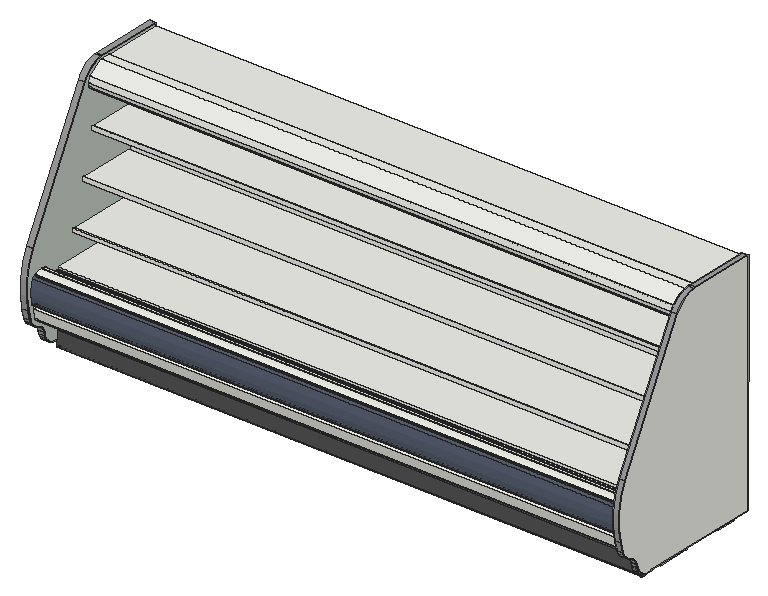
Revit family "IC2XNL_2014", category Specialty Equipment, Revit 2014 (continued)
Automatic sketch dimensions
  Extrusion 9 sketch curve to Extrusion 9 sketch curve = 0.21735"
  Extrusion 9 sketch curve to Extrusion 9 sketch curve = 3.07488"
  Extrusion 9 sketch curve to Extrusion 9 sketch curve = 0.93803"
  Extrusion 9 sketch curve to Extrusion 9 sketch curve = 1.75203"
  Extrusion 9 sketch curve to Extrusion 9 sketch curve = 0.64458"
  plane 3 "Top" to Extrusion 9 sketch curve = 48.32249"
  plane 3 "Top" to Extrusion 9 sketch curve = 47.47733"
  plane 12 to Extrusion 9 sketch curve = 47.45991"
  plane 12 to Extrusion 9 sketch curve = 42.60298"
  plane 12 to Extrusion 9 sketch curve = 34.27621"
  plane 5 "Front" to Extrusion 9 sketch curve = 27.45699"
  Extrusion 9 sketch curve to Extrusion 9 sketch curve = 26.49331"
  Extrusion 9 sketch curve to Extrusion 9 sketch curve = 0.0049"
  plane 5 "Front" to Extrusion 9 sketch curve = 21.68045"
  Extrusion 9 sketch curve to Extrusion 9 sketch curve = 3.32817"
  Extrusion 9 sketch curve to Extrusion 9 sketch curve = 3.36375"
  Extrusion 9 sketch curve to Extrusion 9 sketch curve = 0.0295"
  plane 5 "Front" to Extrusion 9 sketch curve = 43.62502"
  plane 5 "Front" to Extrusion 9 sketch curve = 22.51031"
  Extrusion 9 sketch curve to Extrusion 9 sketch curve = 8.74598"
  Extrusion 9 sketch curve to Extrusion 9 sketch curve = 0.96669"
  Extrusion 9 sketch curve to Extrusion 9 sketch curve = 1.03957"
  Extrusion 9 sketch curve to Extrusion 9 sketch curve = 0.25038"
  Extrusion 9 sketch curve to Extrusion 9 sketch curve = 1.14798"
  Extrusion 9 sketch curve to Extrusion 9 sketch curve = 1.40828"
  Extrusion 9 sketch curve to Extrusion 9 sketch curve = 1.24298"
  Extrusion 9 sketch curve to Extrusion 9 sketch curve = 2.47815"
  plane 5 "Front" to Sweep 14 sketch curve = 4.38383"
  plane 12 to Sweep 14 sketch curve = 49.82249"
  Sweep 14 sketch curve to Sweep 14 sketch curve = 0.63304"
  plane 12 to Sweep 14 sketch curve = 34.27621"
  Sweep 14 sketch curve to Sweep 14 sketch curve = 1.30911"
  Sweep 14 sketch curve to Sweep 14 sketch curve = 1.61162"
  plane 12 to Sweep 14 sketch curve = 51.8762"
  Sweep 14 sketch curve to Sweep 14 sketch curve = 1.65092"
  plane 12 to Sweep 14 sketch curve = 52.52078"
  Sweep 14 sketch curve to Sweep 14 sketch curve = 1.24298"
  Sweep 14 sketch curve to Sweep 14 sketch curve = 1.50329"
  plane 12 to Sweep 14 sketch curve = 54.27281"
  Sweep 14 sketch curve to Sweep 14 sketch curve = 1.40828"
  Sweep 14 sketch curve to Sweep 14 sketch curve = 0.25038"
  Sweep 14 sketch curve to Sweep 14 sketch curve = 3.15531"
  Sweep 14 sketch curve to Sweep 14 sketch curve = 0.07288"
  Sweep 14 sketch curve to Sweep 14 sketch curve = 0.96669"
  Sweep 14 sketch curve to Sweep 14 sketch curve = 15.98751"
  Sweep 14 sketch curve to Sweep 14 sketch curve = 9.78555"
  Sweep 14 sketch curve to Sweep 14 sketch curve = 5.77653"
  Sweep 14 sketch curve to Sweep 14 sketch curve = 0.0295"
  plane 5 "Front" to Sweep 14 sketch curve = 43.62502"
  Sweep 14 sketch curve to Sweep 14 sketch curve = 0.93803"
  Sweep 14 sketch curve to Sweep 14 sketch curve = 2.23028"
  Sweep 14 sketch curve to Sweep 14 sketch curve = 0.04447"
  Sweep 14 sketch curve to Sweep 14 sketch curve = 0.14623"
  Sweep 14 sketch curve to Sweep 14 sketch curve = 2.36257"
  Sweep 14 sketch curve to Sweep 14 sketch curve = 26.49331"
  Sweep 14 sketch curve to Sweep 14 sketch curve = 0.0049"
  Sweep 14 sketch curve to Sweep 14 sketch curve = 3.32817"
  Sweep 14 sketch curve to Sweep 14 sketch curve = 3.36375"
  profile plane to Sweep 14 sketch curve = 0.03129"
  profile plane to Sweep 14 sketch curve = 0.00004"
  plane 12 to Extrusion 12 sketch curve = 47.45991"
  plane 5 "Front" to Extrusion 12 sketch curve = 4.38383"
  plane 12 to Extrusion 12 sketch curve = 49.82249"
  Extrusion 12 sketch curve to Extrusion 12 sketch curve = 0.63304"
  plane 12 to Extrusion 12 sketch curve = 34.27621"
  Extrusion 12 sketch curve to Extrusion 12 sketch curve = 1.30911"
  Extrusion 12 sketch curve to Extrusion 12 sketch curve = 1.61162"
  plane 12 to Extrusion 12 sketch curve = 51.8762"
  Extrusion 12 sketch curve to Extrusion 12 sketch curve = 1.65092"
  plane 12 to Extrusion 12 sketch curve = 52.52078"
  Extrusion 12 sketch curve to Extrusion 12 sketch curve = 1.24298"
  Extrusion 12 sketch curve to Extrusion 12 sketch curve = 1.50329"
  plane 12 to Extrusion 12 sketch curve = 54.27281"
  Extrusion 12 sketch curve to Extrusion 12 sketch curve = 1.40828"
  plane 12 to Extrusion 12 sketch curve = 55.21084"
  Extrusion 12 sketch curve to Extrusion 12 sketch curve = 0.25038"
  Extrusion 12 sketch curve to Extrusion 12 sketch curve = 3.15531"
  Extrusion 12 sketch curve to Extrusion 12 sketch curve = 0.07288"
  Extrusion 12 sketch curve to Extrusion 12 sketch curve = 0.96669"
  Extrusion 12 sketch curve to Extrusion 12 sketch curve = 15.98751"
  Extrusion 12 sketch curve to Extrusion 12 sketch curve = 9.78555"
  Extrusion 12 sketch curve to Extrusion 12 sketch curve = 5.77653"
  Extrusion 12 sketch curve to Extrusion 12 sketch curve = 0.0295"
  Extrusion 12 sketch curve to Extrusion 12 sketch curve = 21.11471"
  Extrusion 12 sketch curve to Extrusion 12 sketch curve = 2.23028"
  Extrusion 12 sketch curve to Extrusion 12 sketch curve = 0.04447"
  Extrusion 12 sketch curve to Extrusion 12 sketch curve = 0.14623"
  Extrusion 12 sketch curve to Extrusion 12 sketch curve = 26.49331"
  Extrusion 12 sketch curve to Extrusion 12 sketch curve = 0.0049"
  Extrusion 12 sketch curve to Extrusion 12 sketch curve = 3.32817"
  Extrusion 12 sketch curve to Extrusion 12 sketch curve = 3.36375"
  plane 5 "Front" to Extrusion 11 sketch curve = 4.38383"
  plane 12 to Extrusion 11 sketch curve = 49.82249"
  Extrusion 11 sketch curve to Extrusion 11 sketch curve = 0.63304"
  plane 12 to Extrusion 11 sketch curve = 34.27621"
  Extrusion 11 sketch curve to Extrusion 11 sketch curve = 1.30911"
  Extrusion 11 sketch curve to Extrusion 11 sketch curve = 1.61162"
  plane 12 to Extrusion 11 sketch curve = 51.8762"
  Extrusion 11 sketch curve to Extrusion 11 sketch curve = 1.65092"
  plane 12 to Extrusion 11 sketch curve = 52.52078"
  Extrusion 11 sketch curve to Extrusion 11 sketch curve = 1.24298"
  Extrusion 11 sketch curve to Extrusion 11 sketch curve = 1.50329"
  plane 12 to Extrusion 11 sketch curve = 54.27281"
  Extrusion 11 sketch curve to Extrusion 11 sketch curve = 1.40828"
  plane 12 to Extrusion 11 sketch curve = 55.21084"
  Extrusion 11 sketch curve to Extrusion 11 sketch curve = 0.25038"
  Extrusion 11 sketch curve to Extrusion 11 sketch curve = 3.15531"
  Extrusion 11 sketch curve to Extrusion 11 sketch curve = 0.07288"
  Extrusion 11 sketch curve to Extrusion 11 sketch curve = 0.96669"
  Extrusion 11 sketch curve to Extrusion 11 sketch curve = 15.98751"
  Extrusion 11 sketch curve to Extrusion 11 sketch curve = 9.78555"
  Extrusion 11 sketch curve to Extrusion 11 sketch curve = 5.77653"
  Extrusion 11 sketch curve to Extrusion 11 sketch curve = 0.0295"
  Extrusion 11 sketch curve to Extrusion 11 sketch curve = 21.11471"
  Extrusion 11 sketch curve to Extrusion 11 sketch curve = 2.23028"
  Extrusion 11 sketch curve to Extrusion 11 sketch curve = 0.04447"
  Extrusion 11 sketch curve to Extrusion 11 sketch curve = 0.14623"
  Extrusion 11 sketch curve to Extrusion 11 sketch curve = 2.36257"
  Extrusion 11 sketch curve to Extrusion 11 sketch curve = 26.49331"
  Extrusion 11 sketch curve to Extrusion 11 sketch curve = 0.0049"
  Extrusion 11 sketch curve to Extrusion 11 sketch curve = 3.32817"
  Extrusion 11 sketch curve to Extrusion 11 sketch curve = 3.36375"
  Extrusion 1 sketch curve to Extrusion 1 sketch curve = 0"  (x2)
  Extrusion 2 sketch curve to Extrusion 2 sketch curve = 0"
  Extrusion 3 sketch curve to Extrusion 3 sketch curve = 0"
  curve 3 to plane 5 "Front" = 0"
  plane 1 "Back" to curve 1 = 0"
  plane 1 "Back" to curve 3 = 0"
  plane 1 "Back" to curve 2 = 0"
  Extrusion 5 sketch curve to Extrusion 5 sketch curve = 0.61592"
  Extrusion 5 sketch curve to Extrusion 5 sketch curve = 0.25414"
  Extrusion 5 sketch curve to Extrusion 5 sketch curve = 0.22512"
  Extrusion 5 sketch curve to Extrusion 5 sketch curve = 1.01523"
  level to Extrusion 5 sketch curve = 8.79372"
  Extrusion 5 sketch curve to Extrusion 5 sketch curve = 0.52547"
  Extrusion 5 sketch curve to Extrusion 5 sketch curve = 0.49317"
  Extrusion 5 sketch curve to Extrusion 5 sketch curve = 0.39118"
  Extrusion 6 sketch curve to Extrusion 6 sketch curve = 0.07165"
  plane 15 to Extrusion 6 sketch curve = 8.03359"
  plane 15 to Extrusion 15 sketch curve = 7.49727"
  level to Extrusion 15 sketch curve = 5.06037"
  Extrusion 15 sketch curve to Extrusion 15 sketch curve = 0.02488"
  Extrusion 15 sketch curve to Extrusion 15 sketch curve = 0.03483"  (x2)
  Extrusion 15 sketch curve to Extrusion 15 sketch curve = 0.01493"  (x2)
  level to Extrusion 15 sketch curve = 4.51861"
  Extrusion 15 sketch curve to Extrusion 15 sketch curve = 0.00995"
  Extrusion 15 sketch curve to Extrusion 15 sketch curve = 0.00862"  (x2)
  Extrusion 15 sketch curve to Extrusion 15 sketch curve = 0.6549"
  Extrusion 15 sketch curve to Extrusion 15 sketch curve = 0.98313"
  level to Extrusion 15 sketch curve = 2.08994"
  Extrusion 4 sketch curve to plane 1 "Back" = 0"
  plane 1 "Back" to Extrusion 4 sketch curve = 6.54174"
  Extrusion 4 sketch curve to Extrusion 4 sketch curve = 0.02644"
  plane 1 "Back" to Extrusion 4 sketch curve = 8.50716"
  plane 3 "Top" to Extrusion 4 sketch curve = 0.13842"
  Extrusion 4 sketch curve to Extrusion 4 sketch curve = 8.00542"
  Extrusion 4 sketch curve to plane 3 "Top" = 0.01229"
  Extrusion 4 sketch curve to Extrusion 4 sketch curve = 0.23337"
  Extrusion 4 sketch curve to Extrusion 4 sketch curve = 1.06918"
  plane 3 "Top" to Extrusion 4 sketch curve = 0.11217"
  Extrusion 4 sketch curve to Extrusion 4 sketch curve = 1.15973"
  plane 3 "Top" to Extrusion 4 sketch curve = 0.00776"
  plane 3 "Top" to Extrusion 4 sketch curve = 3.08905"
  Extrusion 4 sketch curve to Extrusion 4 sketch curve = 1.38553"
  Extrusion 4 sketch curve to Extrusion 4 sketch curve = 0.04394"
  Extrusion 4 sketch curve to Extrusion 4 sketch curve = 2.19786"
  Extrusion 4 sketch curve to Extrusion 4 sketch curve = 0.00338"
  plane 3 "Top" to Extrusion 4 sketch curve = 3.18762"
  Extrusion 4 sketch curve to Extrusion 4 sketch curve = 0.37526"
  plane 3 "Top" to Extrusion 4 sketch curve = 4.60751"
  Extrusion 4 sketch curve to Extrusion 4 sketch curve = 0.05542"
  plane 3 "Top" to Extrusion 4 sketch curve = 4.72245"
  Extrusion 4 sketch curve to Extrusion 4 sketch curve = 0.03653"
  Extrusion 4 sketch curve to Extrusion 4 sketch curve = 0.12203"
  plane 3 "Top" to Extrusion 4 sketch curve = 3.64313"
  Extrusion 4 sketch curve to Extrusion 4 sketch curve = 0.24892"
  plane 3 "Top" to Extrusion 4 sketch curve = 4.91581"
  Extrusion 4 sketch curve to Extrusion 4 sketch curve = 0.20457"
  Extrusion 4 sketch curve to Extrusion 4 sketch curve = 0.0855"
  plane 3 "Top" to Extrusion 4 sketch curve = 4.93871"
  Extrusion 4 sketch curve to Extrusion 4 sketch curve = 0.05142"  (x2)
  Extrusion 4 sketch curve to Extrusion 4 sketch curve = 0.62418"
  Extrusion 4 sketch curve to Extrusion 4 sketch curve = 0.3019"
  plane 3 "Top" to Extrusion 4 sketch curve = 2.25989"
  Extrusion 4 sketch curve to Extrusion 4 sketch curve = 0.06775"
  plane 3 "Top" to Extrusion 4 sketch curve = 4.80173"
  plane 3 "Top" to Extrusion 4 sketch curve = 2.33526"
  Extrusion 4 sketch curve to Extrusion 4 sketch curve = 0.05328"
  plane 3 "Top" to Extrusion 4 sketch curve = 4.7189"
  Extrusion 4 sketch curve to Extrusion 4 sketch curve = 0.06924"
  Extrusion 4 sketch curve to Extrusion 4 sketch curve = 0.69047"
  plane 3 "Top" to Extrusion 4 sketch curve = 3.70867"
  Extrusion 4 sketch curve to Extrusion 4 sketch curve = 0.12066"
  plane 3 "Top" to Extrusion 4 sketch curve = 3.64912"
  Extrusion 4 sketch curve to Extrusion 4 sketch curve = 0.00036"
  level to Extrusion 4 sketch curve = 5.51735"
  Extrusion 4 sketch curve to Extrusion 4 sketch curve = 0.02554"
  Extrusion 4 sketch curve to Extrusion 4 sketch curve = 0.85295"
  Extrusion 4 sketch curve to Extrusion 4 sketch curve = 0.08767"
  Extrusion 4 sketch curve to Extrusion 4 sketch curve = 0.04774"
  Extrusion 4 sketch curve to Extrusion 4 sketch curve = 0.02662"
  plane 15 to Extrusion 4 sketch curve = 1.4843"
  Extrusion 4 sketch curve to Extrusion 4 sketch curve = 0.07576"
  Extrusion 4 sketch curve to Extrusion 4 sketch curve = 0.07916"
  Extrusion 4 sketch curve to Extrusion 4 sketch curve = 0.1432"
  Extrusion 4 sketch curve to Extrusion 4 sketch curve = 0.0413"
  Extrusion 4 sketch curve to Extrusion 4 sketch curve = 0.05014"
  Extrusion 4 sketch curve to Extrusion 4 sketch curve = 0.10612"
  Extrusion 4 sketch curve to Extrusion 4 sketch curve = 0.03769"  (x2)
  Extrusion 4 sketch curve to Extrusion 4 sketch curve = 0.03417"  (x2)
  Extrusion 4 sketch curve to Extrusion 4 sketch curve = 0.52502"
  Extrusion 4 sketch curve to Extrusion 4 sketch curve = 0.01072"
  Extrusion 4 sketch curve to Extrusion 4 sketch curve = 0.04768"
  Extrusion 4 sketch curve to Extrusion 4 sketch curve = 0.02052"
  Extrusion 4 sketch curve to Extrusion 4 sketch curve = 0.09969"
  Extrusion 4 sketch curve to Extrusion 4 sketch curve = 4 133/256"
  Extrusion 4 sketch curve to Extrusion 4 sketch curve = 0.01304"
  Extrusion 4 sketch curve to Extrusion 4 sketch curve = 0.17013"
  Extrusion 4 sketch curve to Extrusion 4 sketch curve = 15/256"
  Extrusion 4 sketch curve to Extrusion 4 sketch curve = 0.31257"
  Extrusion 4 sketch curve to Extrusion 4 sketch curve = 0.25366"
  Extrusion 4 sketch curve to Extrusion 4 sketch curve = 0.00979"
  Extrusion 4 sketch curve to Extrusion 4 sketch curve = 0.43009"
  Extrusion 4 sketch curve to Extrusion 4 sketch curve = 0.44238"
  Extrusion 4 sketch curve to Extrusion 4 sketch curve = 0.96126"
  Extrusion 4 sketch curve to plane 11 = 5.50287"
  Extrusion 4 sketch curve to Extrusion 4 sketch curve = 0.03995"
  Extrusion 4 sketch curve to Extrusion 4 sketch curve = 0.74569"
  Extrusion 4 sketch curve to Extrusion 4 sketch curve = 0.60508"
  Extrusion 4 sketch curve to Extrusion 4 sketch curve = 0.06217"  (x2)
  Extrusion 4 sketch curve to Extrusion 4 sketch curve = 0.01347"
  Extrusion 4 sketch curve to Extrusion 4 sketch curve = 0.22512"
  Extrusion 4 sketch curve to Extrusion 4 sketch curve = 0.0238"
  Extrusion 4 sketch curve to Extrusion 4 sketch curve = 0.37979"
  Extrusion 4 sketch curve to Extrusion 4 sketch curve = 0.00946"
  Extrusion 4 sketch curve to Extrusion 4 sketch curve = 0.0643"
  Extrusion 4 sketch curve to Extrusion 4 sketch curve = 0.04961"
  Extrusion 4 sketch curve to Extrusion 4 sketch curve = 0.0073"
  Extrusion 4 sketch curve to Extrusion 4 sketch curve = 0.02596"
  Extrusion 4 sketch curve to Extrusion 4 sketch curve = 0"  (x2)
  plane 15 to Extrusion 4 sketch curve = 1.27596"
  Extrusion 4 sketch curve to Extrusion 4 sketch curve = 5.19328"
  Extrusion 4 sketch curve to plane 11 = 8 49/256"
  Extrusion 4 sketch curve to Extrusion 4 sketch curve = 1.30285"
  Extrusion 4 sketch curve to Extrusion 4 sketch curve = 4.1196"
  Extrusion 4 sketch curve to Extrusion 4 sketch curve = 1.40866"
  Extrusion 4 sketch curve to Extrusion 4 sketch curve = 5.81596"
  Extrusion 4 sketch curve to Extrusion 4 sketch curve = 3.11549"
  Extrusion 4 sketch curve to Extrusion 4 sketch curve = 2.4805"
  Extrusion 4 sketch curve to Extrusion 4 sketch curve = 1.75857"
  Extrusion 4 sketch curve to Extrusion 4 sketch curve = 0.00561"
  Extrusion 4 sketch curve to Extrusion 4 sketch curve = 0.04981"
  Extrusion 4 sketch curve to Extrusion 4 sketch curve = 0.04941"
  Extrusion 4 sketch curve to Extrusion 4 sketch curve = 0.07289"
  Extrusion 4 sketch curve to Extrusion 4 sketch curve = 0.01053"  (x2)
  Extrusion 4 sketch curve to Extrusion 4 sketch curve = 0.01245"
  Extrusion 4 sketch curve to Extrusion 4 sketch curve = 0.07143"  (x2)
  Extrusion 4 sketch curve to Extrusion 4 sketch curve = 0.00172"
  Extrusion 4 sketch curve to Extrusion 4 sketch curve = 0.91675"
  Extrusion 4 sketch curve to Extrusion 4 sketch curve = 0.13509"
  Extrusion 4 sketch curve to Extrusion 4 sketch curve = 0.03998"
  Extrusion 4 sketch curve to Extrusion 4 sketch curve = 0.93166"
  Extrusion 4 sketch curve to Extrusion 4 sketch curve = 0.91178"
  Extrusion 4 sketch curve to Extrusion 4 sketch curve = 0.0505"
  Extrusion 4 sketch curve to Extrusion 4 sketch curve = 0.0516"
  Extrusion 4 sketch curve to Extrusion 4 sketch curve = 0.02069"
  Extrusion 4 sketch curve to Extrusion 4 sketch curve = 0.15856"
  Extrusion 4 sketch curve to Extrusion 4 sketch curve = 0.9357"
  Extrusion 4 sketch curve to Extrusion 4 sketch curve = 3.93458"
  Extrusion 4 sketch curve to Extrusion 4 sketch curve = 0.4081"
  Extrusion 4 sketch curve to Extrusion 4 sketch curve = 0.18892"
  Extrusion 4 sketch curve to Extrusion 4 sketch curve = 0.02412"
  Extrusion 4 sketch curve to Extrusion 4 sketch curve = 0.98748"
  Extrusion 4 sketch curve to Extrusion 4 sketch curve = 0.17412"
  Extrusion 4 sketch curve to Extrusion 4 sketch curve = 8.72684"
  Extrusion 4 sketch curve to Extrusion 4 sketch curve = 1.74119"
  level to Extrusion 4 sketch curve = 5.53966"
  Extrusion 4 sketch curve to Extrusion 4 sketch curve = 0.17422"
  Extrusion 4 sketch curve to Extrusion 4 sketch curve = 0.29079"  (x2)
  Extrusion 4 sketch curve to Extrusion 4 sketch curve = 0.28943"
  Extrusion 4 sketch curve to Extrusion 4 sketch curve = 0.12476"
  Extrusion 4 sketch curve to Extrusion 4 sketch curve = 1.08226"
  Extrusion 4 sketch curve to Extrusion 4 sketch curve = 0.12534"
  Extrusion 4 sketch curve to Extrusion 4 sketch curve = 0.16043"
  plane 15 to curve 17 = 0.35754"
  plane 15 to curve 19 = 1.2276"
  plane 15 to curve 19 = 0.35754"
  curve 19 to curve 19 = 0.50733"
  curve 19 to curve 19 = 0.91383"
  curve 18 to curve 17 = 0.87006"
  curve 17 to curve 18 = 7.93438"
  curve 19 to plane 11 = 10.85193"
  curve 19 to curve 18 = 2.36997"
  curve 17 to curve 18 = 0.45789"
  curve 17 to curve 17 = 0.50733"
Nested families (in)
  nested 1: "Shelf" at (0, -7.8816, 19.25), visible <- "Shelf", type "Bottom Shelf"
    with Width 144 1/2", Depth 18"
  nested 2: "Shelf" at (0, -7.8816, 39.25), visible <- "Shelf", type "Top Shelf"
    with Width 144 1/2", Depth 12"
  nested 3: "Light" at (-5.05699, -16.27359, -28.75), visible <- "Shelf Lights", type "Light"
    with Length 144 1/2"
  nested 4: "Floor Support-Side Skid-IC2XNL" at (-79.33203, 0, 0), type "Floor Support-Side Skid"
  nested 5: "Floor Support-Skid-IC2XNL" at (-7.08203, 0, 0), visible <- "8 Case", type "Floor Support-Skid"
  nested 6: "Floor Support-Side Skid-IC2XNL" at (69.21806, 0, 0) x (-1, 0, 0) z (0, 0, 1), type "Floor Support-Side Skid"
  nested 7: "Floor Support-Skid-IC2XNL" at (-31.08203, 0, 0), visible <- "12 Case", type "Floor Support-Skid"
  nested 8: "Floor Support-Skid-IC2XNL" at (20.96806, 0, 0) x (-1, 0, 0) z (0, 0, 1), visible <- "12 Case", type "Floor Support-Skid"
  nested 9: "Floor Support-Skid-IC2XNL" at (-7.08203, 0, 0), visible <- "6 Case", type "Floor Support-Skid"
  nested 10: "Light" at (-5.05699, -10.27359, -8.75), visible <- "Shelf Lights", type "Light"
    with Length 144 1/2"
  nested 11: "Light" at (-5.05699, -9.66056, 0.805), type "Light"
    with Length 144 1/2"
  nested 12: "Shelf" at (0, -7.8816, 29.25), visible <- "Shelf", type "Middle Shelf"
    with Width 144 1/2", Depth 15"
  nested 13: "Light" at (-5.05699, -13.27359, -18.75), visible <- "Shelf Lights", type "Light"
    with Length 144 1/2"
Connectors (in)
  piping at (-4.80699, -28.625, 0), diameter 1.25, driven by "Waste Drain"
    settings: on Extrusion 1, index 8, connector inside diameter 1 1/4", connector length 0", flow factor 0, pipe flow 0 GPM, pressure drop 0.00 psi, fitting loss kfactor 0, connector angle 0.00°, fixture units 0, engagement length 0", angle of deflection 0.00°, flow configuration 0, flow direction 0, fitting loss method 0, system type 16, joint type 0, gender type 0, connector reference index -1, connector utility 0, adjustable connector no, is connector primary yes, connector description "1 1/4\""
  piping at (58.25551, -24.625, 0), diameter 0.875, driven by "Refrig. Suction", driven by "Refrigeration Lines Suction"
    settings: on Extrusion 2, index 9, connector inside diameter 7/8", connector length 0", flow factor 0, pipe flow 0 GPM, pressure drop 0.00 psi, fitting loss kfactor 0, connector angle 0.00°, fixture units 0, engagement length 0", angle of deflection 0.00°, flow configuration 0, flow direction 2, fitting loss method 0, system type 22, joint type 0, gender type 0, connector reference index -1, connector utility 0, adjustable connector no, is connector primary no, connector description "Suction"
  piping at (58.88051, -24.625, 0), diameter 0.375, driven by "Refrig. Liquid", driven by "Refrigeration Lines Liquid"
    settings: on Extrusion 3, index 10, connector inside diameter 3/8", connector length 0", flow factor 0, pipe flow 0 GPM, pressure drop 0.00 psi, fitting loss kfactor 0, connector angle 0.00°, fixture units 0, engagement length 0", angle of deflection 0.00°, flow configuration 0, flow direction 1, fitting loss method 0, system type 22, joint type 0, gender type 0, connector reference index -1, connector utility 0, adjustable connector no, is connector primary no, connector description "Liquid"
Definition of nested family "Shelf"
  Parameters (values of type "Shelf")
    Width = 24"
    URL = "www.hussmann.com"
    Type Comments = "Shelf"
    Shelves = Sheet Metal (Steel Painted) - 700 Interior White
    Model = ""
    Manufacturer = "Hussmann Corporation"
    Height = 5"
    Description = ""
    Depth = 20"
    Assembly Code = ""
    Accessories/Options = ""
  Reference planes (in)
    plane 1 "Back": y = 0
    plane 2 "Bottom": z = 0
    plane 3 "Left": x = -77.30699
    plane 4 "Right": x = -53.30699
    plane 5 "Front": y = -20
    plane 6 "Center (Left/Right)": x = -65.30699
    plane 7: z = 5
  Forms (in)
    Extrusion 1, solid, material "Sheet Metal (Steel Painted) - 700 Interior White" <- "Shelves"
      sketch origin (-77.30699, 7.75, -64.26162) x (0, 1, 0) y (0, 0, 1)
        loop
          line (-7.75, 64.26162) -> (-7.75, 68.01162) -> (-8.5, 68.01162) -> (-8.5, 69.01162) -> (-27.5, 69.01162) -> (-27.5, 69.26162) -> (-27.75, 69.26162) -> (-27.75, 68.26162) -> (-27.5, 68.26162) -> (-27.5, 68.76162) -> (-26, 68.76162) -> (-26, 68.51162) -> (-13.81963, 68.51162) -> (-7.75, 64.26162)
      from 0 to 24
  Dimensions and locks (in)
    "Width": plane 4 "Right" to plane 3 "Left"
    equal spacing: plane 4 "Right", plane 6 "Center (Left/Right)", plane 3 "Left"
    "Depth": plane 1 "Back" to plane 5 "Front"
    "Height": level to plane 7
    aligned and locked: Extrusion 1 to plane 3 "Left"
    aligned and locked: plane 4 "Right" to Extrusion 1
  Automatic sketch dimensions
    Extrusion 1 sketch curve to plane 5 "Front" = 0"
    Extrusion 1 sketch curve to plane 1 "Back" = 0"
    plane 5 "Front" to Extrusion 1 sketch curve = 1/4"  (x2)
    Extrusion 1 sketch curve to Extrusion 1 sketch curve = 1 1/2"
    plane 1 "Back" to Extrusion 1 sketch curve = 6.06963"
    plane 1 "Back" to Extrusion 1 sketch curve = 3/4"
    Extrusion 1 sketch curve to Extrusion 1 sketch curve = 3 3/4"
    Extrusion 1 sketch curve to Extrusion 1 sketch curve = 1/2"  (x2)
    Extrusion 1 sketch curve to Extrusion 1 sketch curve = 1"
    Extrusion 1 sketch curve to Extrusion 1 sketch curve = 1/4"
    Extrusion 1 sketch curve to Extrusion 1 sketch curve = 3/4"
    Extrusion 1 sketch curve to level = 0"
Definition of nested family "Floor Support-Side Skid-IC2XNL"
  Parameters (values of type "Floor Support-Side Skid")
    Width = 8 69/128"
    URL = "www.hussmann.com"
    Type Comments = ""
    Revit Family Date = "11/19/2015"  # constant formula
    Model = ""
    Manufacturer = "Hussmann Corporation"
    Height = 10.26407"
    Floor Support = Stainless Steel
    Description = ""
    Depth = 30.02835"
    Assembly Code = ""
    Accessories/Options = ""
  Reference planes (in)
    plane 1 "Back": y = 0
    plane 2 "Bottom": z = 0
    plane 3 "Top": z = 10.26407
    plane 4 "Right": x = 6.29458
    plane 5 "Front": y = -30.02835
    plane 6 "Center (Left/Right)": x = 2.02504
  Forms (in)
    Extrusion 1, solid
      sketch origin (0, 0, 0) x (1, 0, 0) y (0, 1, 0)
        loop
          line (6.2427, -0.35106) -> (5.61346, -0.35106)
          spline (5.61346, -0.35106) -> (5.60467, -0.35154) -> (5.59595, -0.35077) -> (5.58749, -0.34877) -> (5.57945, -0.3456) -> (5.572, -0.3413) -> (5.56527, -0.33596) -> (5.5594, -0.32969) -> (5.55452, -0.32262) -> (5.55071, -0.31489) -> (5.54806, -0.30664) -> (5.54661, -0.29805) -> (5.5464, -0.28928)
          line (5.5464, -0.28928) -> (5.5511, -0.1881)
          spline (5.5511, -0.1881) -> (5.55064, -0.16354) -> (5.54698, -0.1394) -> (5.54017, -0.1161) -> (5.53035, -0.09404) -> (5.51767, -0.07358) -> (5.50235, -0.05508) -> (5.48466, -0.03886) -> (5.4649, -0.02519) -> (5.44339, -0.01431) -> (5.42052, -0.00641) -> (5.39668, -0.00161) -> (5.37226, 0)
          line (5.37226, 0) -> (2.02504, 0) -> (2.02504, -25.00158) -> (2.4234, -25.00158) -> (2.4234, -29.87231) -> (2.57945, -29.87231) -> (2.57945, -30.02528) -> (4.66388, -30.02528) -> (4.66388, -29.87231) -> (4.81992, -29.87231) -> (4.81992, -24.95052)
          arc (4.81992, -24.95052) -> (5.61912, -24.41396) -> (5.92788, -23.5022) r 1.5006
          line (5.92788, -23.5022) -> (5.92843, -18.36772)
          spline (5.92843, -18.36772) -> (5.93056, -18.33509) -> (5.93693, -18.30304) -> (5.94743, -18.27209) -> (5.96187, -18.24279) -> (5.98001, -18.21563) -> (6.00154, -18.19108) -> (6.02609, -18.16955) -> (6.05325, -18.15141) -> (6.08256, -18.13697) -> (6.1135, -18.12647) -> (6.14556, -18.1201) -> (6.17818, -18.11797)
          line (6.17818, -18.11797) -> (7.49155, -18.11797)
          spline (7.49155, -18.11797) -> (7.55681, -18.1137) -> (7.62092, -18.10096) -> (7.68281, -18.07997) -> (7.74141, -18.05109) -> (7.79573, -18.01481) -> (7.84484, -17.97175) -> (7.8879, -17.92264) -> (7.92418, -17.86832) -> (7.95307, -17.80972) -> (7.97405, -17.74783) -> (7.98679, -17.68371) -> (7.99106, -17.61846)
          line (7.99106, -17.61846) -> (7.99106, -16.6167)
          spline (7.99106, -16.6167) -> (7.98679, -16.55145) -> (7.97405, -16.48733) -> (7.95307, -16.42544) -> (7.92418, -16.36684) -> (7.8879, -16.31252) -> (7.84484, -16.26341) -> (7.79573, -16.22035) -> (7.74141, -16.18407) -> (7.68281, -16.15519) -> (7.62092, -16.1342) -> (7.55681, -16.12146) -> (7.49155, -16.11719)
          line (7.49155, -16.11719) -> (6.17818, -16.11719)
          spline (6.17818, -16.11719) -> (6.14556, -16.11506) -> (6.1135, -16.10869) -> (6.08256, -16.09819) -> (6.05325, -16.08375) -> (6.02609, -16.06561) -> (6.00154, -16.04408) -> (5.98001, -16.01953) -> (5.96187, -15.99237) -> (5.94743, -15.96307) -> (5.93693, -15.93212) -> (5.93056, -15.90006) -> (5.92843, -15.86744)
          line (5.92843, -15.86744) -> (5.92843, -5.79985)
          spline (5.92843, -5.79985) -> (5.93056, -5.76722) -> (5.93693, -5.73516) -> (5.94743, -5.70422) -> (5.96187, -5.67492) -> (5.98001, -5.64776) -> (6.00154, -5.6232) -> (6.02609, -5.60167) -> (6.05325, -5.58353) -> (6.08256, -5.56909) -> (6.1135, -5.5586) -> (6.14556, -5.55223) -> (6.17818, -5.55009)
          line (6.17818, -5.55009) -> (7.49155, -5.55009)
          spline (7.49155, -5.55009) -> (7.55681, -5.54582) -> (7.62092, -5.53308) -> (7.68281, -5.5121) -> (7.74141, -5.48322) -> (7.79573, -5.44693) -> (7.84484, -5.40387) -> (7.8879, -5.35476) -> (7.92418, -5.30044) -> (7.95307, -5.24184) -> (7.97405, -5.17995) -> (7.98679, -5.11584) -> (7.99106, -5.05058)
          line (7.99106, -5.05058) -> (7.99106, -4.04882)
          spline (7.99106, -4.04882) -> (7.98679, -3.98357) -> (7.97405, -3.91946) -> (7.95307, -3.85757) -> (7.92418, -3.79896) -> (7.8879, -3.74465) -> (7.84484, -3.69554) -> (7.79573, -3.65247) -> (7.74141, -3.61619) -> (7.68281, -3.58731) -> (7.62092, -3.56632) -> (7.55681, -3.55359) -> (7.49155, -3.54932)
          line (7.49155, -3.54932) -> (6.18249, -3.54932)
          arc (6.18249, -3.54932) -> (6.0282, -3.49852) -> (5.93426, -3.36599) r 0.25973
          line (5.93426, -3.36599) -> (6.30377, -0.41601)
          spline (6.30377, -0.41601) -> (6.30361, -0.4077) -> (6.30234, -0.3995) -> (6.29999, -0.39156) -> (6.29661, -0.38402) -> (6.29225, -0.37701) -> (6.28699, -0.37067) -> (6.28093, -0.36509) -> (6.27417, -0.36039) -> (6.26683, -0.35664) -> (6.25905, -0.35392) -> (6.25096, -0.35226) -> (6.2427, -0.35106)
      from 0 to 10.26407
    Extrusion 2, void
      sketch origin (2.02504, 0, 0) x (0, 1, 0) y (0, 0, 1)
        loop
          line (-29.18397, 5.56503) -> (-8.50716, 5.56503) -> (0, 10.08456) -> (0, 10.26407) -> (-30.02835, 10.26407) -> (-30.02835, 2.24867) -> (-27.78996, 2.76906) -> (-26.7357, 2.76906) -> (-26.85079, 4.08456)
          arc (-26.85079, 4.08456) -> (-26.88112, 4.17154) -> (-26.94923, 4.23357) r 0.18744
          line (-26.94923, 4.23357) -> (-29.18397, 5.42681) -> (-29.18397, 5.56503)
      from -12.58447 to 12.58363
    Extrusion 3, void
      sketch origin (2.02504, 0, 0) x (0, 1, 0) y (0, 0, 1)
        loop
          line (-2.69879, 0) -> (0, 0) -> (0, 6.29404) -> (-2.26929, 4.02442)
          arc (-2.26929, 4.02442) -> (-2.30939, 3.96496) -> (-2.3243, 3.89481) r 0.18794
          line (-2.3243, 3.89481) -> (-2.32858, 3.6497) -> (-2.33112, 3.50443) -> (-2.33533, 3.26291) -> (-2.33949, 3.02455) -> (-2.38694, 0.30646)
          arc (-2.38694, 0.30646) -> (-2.48018, 0.08944) -> (-2.69879, 0) r 0.3119
      from -12.58447 to 12.58363
    Extrusion 4, void
      sketch origin (2.02504, 0, 0) x (0, 1, 0) y (0, 0, 1)
        loop
          line (-17.28342, 0) -> (-7.07945, 0)
          arc (-7.07945, 0) -> (-7.199, 0.02378) -> (-7.30035, 0.0915) r 0.3124
          line (-7.30035, 0.0915) -> (-7.41444, 0.20559)
          arc (-7.41444, 0.20559) -> (-7.45626, 0.23672) -> (-7.50525, 0.25454) r 0.17979
          arc (-7.50525, 0.25454) -> (-12.18143, 0.73178) -> (-16.85761, 0.25454) r 23.14851
          arc (-16.85761, 0.25454) -> (-16.90661, 0.23672) -> (-16.94843, 0.20559) r 0.17979
          line (-16.94843, 0.20559) -> (-17.06252, 0.0915)
          arc (-17.06252, 0.0915) -> (-17.16387, 0.02378) -> (-17.28342, 0) r 0.3124
      from -12.58447 to 12.58363
    Extrusion 5, void
      sketch origin (2.02504, -5, 0) x (0, 1, 0) y (0, 0, 1)
        loop
          line (-21.93283, 0.16782) -> (-21.93283, 0) -> (-20.52532, 0)
          arc (-20.52532, 0) -> (-20.68723, 0.04523) -> (-20.80225, 0.16782) r 0.3124
          line (-20.80225, 0.16782) -> (-21.93283, 0.16782)
      from -12.58447 to 12.58363
  Cuts and joins
    Extrusion 2, Extrusion 3, Extrusion 4, Extrusion 5 cuts Extrusion 1
  Dimensions and locks (in)
    plane 6 "Center (Left/Right)" to plane 4 "Right" = 4 69/256"
    "Depth": plane 5 "Front" to plane 1 "Back"
    "Height": plane 3 "Top" to level
    aligned and locked: Extrusion 1 to plane 3 "Top"
    aligned and locked: Extrusion 1 to level
  Automatic sketch dimensions
    plane 3 "Top" to Extrusion 2 sketch curve = 0"
    Extrusion 2 sketch curve to plane 1 "Back" = 0"
    plane 1 "Back" to Extrusion 2 sketch curve = 8.50716"
    level to Extrusion 2 sketch curve = 4.08456"
    plane 5 "Front" to Extrusion 2 sketch curve = 3.17757"
    level to Extrusion 2 sketch curve = 4.23357"
    Extrusion 2 sketch curve to Extrusion 2 sketch curve = 0.09844"
    Extrusion 2 sketch curve to Extrusion 2 sketch curve = 0.08829"
    level to Extrusion 2 sketch curve = 2.76906"
    Extrusion 2 sketch curve to Extrusion 2 sketch curve = 0.75244"
    Extrusion 2 sketch curve to Extrusion 2 sketch curve = 0.17952"
    Extrusion 2 sketch curve to Extrusion 2 sketch curve = 0.11509"
    Extrusion 2 sketch curve to Extrusion 2 sketch curve = 2.23474"
    level to Extrusion 2 sketch curve = 2.24867"
    Extrusion 2 sketch curve to Extrusion 2 sketch curve = 1.19324"
    Extrusion 2 sketch curve to Extrusion 2 sketch curve = 0.13822"
    Extrusion 2 sketch curve to plane 5 "Front" = 0"
    plane 1 "Back" to Extrusion 3 sketch curve = 2.69879"
    Extrusion 3 sketch curve to Extrusion 3 sketch curve = 0.31186"
    level to Extrusion 3 sketch curve = 3.02455"
    plane 1 "Back" to Extrusion 3 sketch curve = 2.33949"
    level to Extrusion 3 sketch curve = 3.26291"
    Extrusion 3 sketch curve to Extrusion 3 sketch curve = 0.00416"
    level to Extrusion 3 sketch curve = 3.50443"
    Extrusion 3 sketch curve to Extrusion 3 sketch curve = 0.00422"
    level to Extrusion 3 sketch curve = 3.6497"
    Extrusion 3 sketch curve to Extrusion 3 sketch curve = 0.00254"
    level to Extrusion 3 sketch curve = 3.89481"
    Extrusion 3 sketch curve to Extrusion 3 sketch curve = 0.00428"
    Extrusion 3 sketch curve to Extrusion 3 sketch curve = 0.05501"
    Extrusion 3 sketch curve to Extrusion 3 sketch curve = 0.18791"
    Extrusion 3 sketch curve to plane 1 "Back" = 0"
    Extrusion 3 sketch curve to level = 0"
    Extrusion 3 sketch curve to Extrusion 3 sketch curve = 0.30646"
    Extrusion 3 sketch curve to Extrusion 3 sketch curve = 0.3119"
    Extrusion 3 sketch curve to Extrusion 3 sketch curve = 0.00328"
    level to Extrusion 3 sketch curve = 6.29404"
    Extrusion 3 sketch curve to Extrusion 3 sketch curve = 0"
    Extrusion 4 sketch curve to Extrusion 4 sketch curve = 0.2209"  (x2)
    Extrusion 4 sketch curve to Extrusion 4 sketch curve = 0.11409"  (x4)
    Extrusion 4 sketch curve to Extrusion 4 sketch curve = 0.12713"  (x4)
    plane 5 "Front" to Extrusion 4 sketch curve = 17.84692"
    Extrusion 4 sketch curve to Extrusion 4 sketch curve = 9.27972"
    level to Extrusion 4 sketch curve = 0.3124"
    Extrusion 4 sketch curve to Extrusion 4 sketch curve = 0.10681"  (x2)
    Extrusion 4 sketch curve to Extrusion 4 sketch curve = 22.49519"
    Extrusion 4 sketch curve to Extrusion 4 sketch curve = 0"  (x4)
    Extrusion 4 sketch curve to level = 0"
    plane 1 "Back" to Extrusion 4 sketch curve = 16.82129"
    plane 5 "Front" to Extrusion 5 sketch curve = 3.09553"
    Extrusion 5 sketch curve to Extrusion 5 sketch curve = 1.13057"
    Extrusion 5 sketch curve to Extrusion 5 sketch curve = 0.27693"
    Extrusion 5 sketch curve to level = 0"
    Extrusion 5 sketch curve to Extrusion 5 sketch curve = 0.16782"
    Extrusion 5 sketch curve to Extrusion 5 sketch curve = 0.3124"
    Extrusion 5 sketch curve to Extrusion 5 sketch curve = 0"
    Extrusion 1 sketch curve to plane 6 "Center (Left/Right)" = 0"
    plane 1 "Back" to Extrusion 1 sketch curve = 0"
    Extrusion 1 sketch curve to Extrusion 1 sketch curve = 0.39836"
    Extrusion 1 sketch curve to Extrusion 1 sketch curve = 0.15604"  (x2)
    Extrusion 1 sketch curve to plane 4 "Right" = 1.8673"
    plane 5 "Front" to Extrusion 1 sketch curve = 0.15604"  (x2)
    Extrusion 1 sketch curve to plane 4 "Right" = 1.6307"
    Extrusion 1 sketch curve to plane 4 "Right" = 0.92232"
    plane 1 "Back" to Extrusion 1 sketch curve = 0.28928"
    Extrusion 1 sketch curve to Extrusion 1 sketch curve = 0.17414"
    plane 1 "Back" to Extrusion 1 sketch curve = 0.1881"
    Extrusion 1 sketch curve to Extrusion 1 sketch curve = 0.0047"
    Extrusion 1 sketch curve to Extrusion 1 sketch curve = 0.06706"
    Extrusion 1 sketch curve to plane 4 "Right" = 0.36615"  (x2)
    Extrusion 1 sketch curve to plane 4 "Right" = 0.11639"  (x3)
    Extrusion 1 sketch curve to plane 4 "Right" = 0.11208"
    plane 4 "Right" to Extrusion 1 sketch curve = 0.0092"
    plane 4 "Right" to Extrusion 1 sketch curve = 1.19698"  (x4)
    Extrusion 1 sketch curve to Extrusion 1 sketch curve = 0.49951"  (x6)
    plane 5 "Front" to Extrusion 1 sketch curve = 0.00307"
    Extrusion 1 sketch curve to Extrusion 1 sketch curve = 4.87073"
    Extrusion 1 sketch curve to Extrusion 1 sketch curve = 0.05106"
    Extrusion 1 sketch curve to Extrusion 1 sketch curve = 1.44832"
    Extrusion 1 sketch curve to Extrusion 1 sketch curve = 5.13448"
    Extrusion 1 sketch curve to Extrusion 1 sketch curve = 0.24975"  (x3)
    Extrusion 1 sketch curve to Extrusion 1 sketch curve = 1.00176"  (x2)
    Extrusion 1 sketch curve to Extrusion 1 sketch curve = 10.06759"
    Extrusion 1 sketch curve to Extrusion 1 sketch curve = 0.25973"
    plane 1 "Back" to Extrusion 1 sketch curve = 0.41601"
    Extrusion 1 sketch curve to Extrusion 1 sketch curve = 0.06179"
    Extrusion 1 sketch curve to Extrusion 1 sketch curve = 0.31696"
    Extrusion 1 sketch curve to Extrusion 1 sketch curve = 0.1878"
    Extrusion 1 sketch curve to Extrusion 1 sketch curve = 0.00479"
    Extrusion 1 sketch curve to Extrusion 1 sketch curve = 0.04521"
    Extrusion 1 sketch curve to Extrusion 1 sketch curve = 0.24823"
    Extrusion 1 sketch curve to plane 4 "Right" = 0.11571"  (x3)
    Extrusion 1 sketch curve to plane 4 "Right" = 0.09056"
    Extrusion 1 sketch curve to plane 4 "Right" = 0.05279"
    Extrusion 1 sketch curve to plane 4 "Right" = 0.05187"
    Extrusion 1 sketch curve to Extrusion 1 sketch curve = 0"  (x4)
    plane 4 "Right" to Extrusion 1 sketch curve = 0.06162"  (x3)
    plane 4 "Right" to Extrusion 1 sketch curve = 0.84094"  (x2)
    Extrusion 1 sketch curve to Extrusion 1 sketch curve = 0.00137"  (x3)
    Extrusion 1 sketch curve to Extrusion 1 sketch curve = 0.50088"
    Extrusion 1 sketch curve to Extrusion 1 sketch curve = 0.04801"
Definition of nested family "Floor Support-Skid-IC2XNL"
  Parameters (values of type "Floor Support-Skid")
    Width = 8 69/128"
    URL = "www.hussmann.com"
    Type Comments = ""
    Revit Family Date = "11/19/2015"  # constant formula
    Model = ""
    Manufacturer = "Hussmann Corporation"
    Height = 10.26407"
    Floor Support = Stainless Steel
    Description = ""
    Depth = 30.02835"
    Assembly Code = ""
    Accessories/Options = ""
  Reference planes (in)
    plane 1 "Back": y = 0
    plane 2 "Bottom": z = 0
    plane 3 "Top": z = 10.26407
    plane 4 "Left": x = -2.24449
    plane 5 "Right": x = 6.29458
    plane 6 "Front": y = -30.02835
    plane 7 "Center (Left/Right)": x = 2.02504
  Forms (in)
    Extrusion 1, solid
      sketch origin (0, 0, 0) x (1, 0, 0) y (0, 1, 0)
        loop
          spline (-1.32217, 0) -> (-1.34659, -0.00161) -> (-1.37043, -0.00641) -> (-1.3933, -0.01431) -> (-1.41481, -0.02519) -> (-1.43457, -0.03886) -> (-1.45226, -0.05508) -> (-1.46758, -0.07358) -> (-1.48026, -0.09404) -> (-1.49008, -0.1161) -> (-1.49689, -0.1394) -> (-1.50055, -0.16354) -> (-1.50101, -0.1881)
          line (-1.50101, -0.1881) -> (-1.49631, -0.28928)
          spline (-1.49631, -0.28928) -> (-1.49647, -0.29741) -> (-1.49768, -0.3054) -> (-1.49994, -0.31311) -> (-1.5032, -0.32041) -> (-1.5074, -0.32719) -> (-1.51248, -0.33331) -> (-1.51835, -0.33868) -> (-1.52491, -0.3432) -> (-1.53204, -0.34681) -> (-1.53962, -0.34942) -> (-1.54753, -0.35101) -> (-1.55563, -0.35155)
          line (-1.55563, -0.35155) -> (-2.17664, -0.35155)
          spline (-2.17664, -0.35155) -> (-2.18544, -0.35107) -> (-2.19415, -0.35184) -> (-2.20261, -0.35384) -> (-2.21065, -0.35701) -> (-2.21811, -0.36131) -> (-2.22484, -0.36665) -> (-2.2307, -0.37292) -> (-2.23558, -0.37999) -> (-2.23939, -0.38772) -> (-2.24204, -0.39597) -> (-2.24349, -0.40456) -> (-2.2437, -0.41333)
          line (-2.2437, -0.41333) -> (-1.86829, -8.49024) -> (-1.86829, -23.85762)
          arc (-1.86829, -23.85762) -> (-1.78569, -24.25643) -> (-1.55249, -24.59033) r 1.01143
          arc (-1.55249, -24.59033) -> (-1.07593, -24.89498) -> (-0.52044, -25.00158) r 1.50058
          line (-0.52044, -25.00158) -> (0.82679, -25.00158) -> (0.82679, -29.87231) -> (0.98283, -29.87231) -> (0.98283, -30.02528) -> (3.06726, -30.02528) -> (3.06726, -29.87231) -> (3.2233, -29.87231) -> (3.2233, -25.00158) -> (4.57053, -25.00158)
          arc (4.57053, -25.00158) -> (5.12602, -24.89498) -> (5.60258, -24.59033) r 1.50058
          arc (5.60258, -24.59033) -> (5.83578, -24.25643) -> (5.91838, -23.85762) r 1.01143
          line (5.91838, -23.85762) -> (5.91838, -8.49024) -> (6.29379, -0.41333)
          spline (6.29379, -0.41333) -> (6.29364, -0.4052) -> (6.29242, -0.39721) -> (6.29016, -0.3895) -> (6.28691, -0.3822) -> (6.2827, -0.37542) -> (6.27762, -0.3693) -> (6.27175, -0.36393) -> (6.2652, -0.35941) -> (6.25806, -0.3558) -> (6.25048, -0.35319) -> (6.24257, -0.3516) -> (6.23447, -0.35106)
          line (6.23447, -0.35106) -> (5.61346, -0.35106)
          spline (5.61346, -0.35106) -> (5.60467, -0.35154) -> (5.59595, -0.35077) -> (5.58749, -0.34877) -> (5.57945, -0.3456) -> (5.572, -0.3413) -> (5.56527, -0.33596) -> (5.5594, -0.32969) -> (5.55452, -0.32262) -> (5.55071, -0.31489) -> (5.54806, -0.30664) -> (5.54661, -0.29805) -> (5.5464, -0.28928)
          line (5.5464, -0.28928) -> (5.5511, -0.1881)
          spline (5.5511, -0.1881) -> (5.55064, -0.16354) -> (5.54698, -0.1394) -> (5.54017, -0.1161) -> (5.53035, -0.09404) -> (5.51767, -0.07358) -> (5.50235, -0.05508) -> (5.48466, -0.03886) -> (5.4649, -0.02519) -> (5.44339, -0.01431) -> (5.42052, -0.00641) -> (5.39668, -0.00161) -> (5.37226, 0)
          line (5.37226, 0) -> (-1.32217, 0)
      from 0 to 10.26407
    Extrusion 2, void
      sketch origin (2.02504, 0, 0) x (0, 1, 0) y (0, 0, 1)
        loop
          line (-29.18397, 5.56503) -> (-8.50716, 5.56503) -> (0, 10.08456) -> (0, 10.26407) -> (-30.02528, 10.26407) -> (-30.02528, 2.24938) -> (-27.78996, 2.76906) -> (-26.7357, 2.76906) -> (-26.85079, 4.08456)
          arc (-26.85079, 4.08456) -> (-26.88112, 4.17154) -> (-26.94923, 4.23357) r 0.18744
          line (-26.94923, 4.23357) -> (-29.18397, 5.42681) -> (-29.18397, 5.56503)
      from -12.58447 to 12.58363
    Extrusion 3, void
      sketch origin (2.02504, 0, 0) x (0, 1, 0) y (0, 0, 1)
        loop
          line (-2.69879, 0) -> (0, 0) -> (0, 6.29404) -> (-2.26929, 4.02442)
          arc (-2.26929, 4.02442) -> (-2.30939, 3.96496) -> (-2.3243, 3.89481) r 0.18794
          line (-2.3243, 3.89481) -> (-2.32858, 3.6497) -> (-2.33112, 3.50443) -> (-2.33533, 3.26291) -> (-2.33949, 3.02455) -> (-2.38694, 0.30646)
          arc (-2.38694, 0.30646) -> (-2.48018, 0.08944) -> (-2.69879, 0) r 0.3119
      from -12.58447 to 12.58363
    Extrusion 4, void
      sketch origin (2.02504, 0, 0) x (0, 1, 0) y (0, 0, 1)
        loop
          line (-17.28342, 0) -> (-7.07945, 0)
          arc (-7.07945, 0) -> (-7.199, 0.02378) -> (-7.30035, 0.0915) r 0.3124
          line (-7.30035, 0.0915) -> (-7.41444, 0.20559)
          arc (-7.41444, 0.20559) -> (-7.45626, 0.23672) -> (-7.50525, 0.25454) r 0.17979
          arc (-7.50525, 0.25454) -> (-12.18143, 0.73178) -> (-16.85761, 0.25454) r 23.14851
          arc (-16.85761, 0.25454) -> (-16.90661, 0.23672) -> (-16.94843, 0.20559) r 0.17979
          line (-16.94843, 0.20559) -> (-17.06252, 0.0915)
          arc (-17.06252, 0.0915) -> (-17.16387, 0.02378) -> (-17.28342, 0) r 0.3124
      from -12.58447 to 12.58363
    Extrusion 5, void
      sketch origin (2.02504, 0, 0) x (0, 1, 0) y (0, 0, 1)
        loop
          line (-26.93283, 0.16782) -> (-26.93283, 0) -> (-25.52532, 0)
          arc (-25.52532, 0) -> (-25.68723, 0.04523) -> (-25.80225, 0.16782) r 0.3124
          line (-25.80225, 0.16782) -> (-26.93283, 0.16782)
      from -12.58447 to 12.58363
  Cuts and joins
    Extrusion 2, Extrusion 3, Extrusion 4, Extrusion 5 cuts Extrusion 1
  Dimensions and locks (in)
    equal spacing: plane 4 "Left", plane 7 "Center (Left/Right)", plane 5 "Right"
    "Width": plane 4 "Left" to plane 5 "Right"
    "Depth": plane 6 "Front" to plane 1 "Back"
    "Height": plane 3 "Top" to level
    aligned and locked: Extrusion 1 to plane 3 "Top"
    aligned and locked: Extrusion 1 to level
  Automatic sketch dimensions
    plane 1 "Back" to Extrusion 1 sketch curve = 0"
    plane 4 "Left" to Extrusion 1 sketch curve = 0.00078"
    plane 4 "Left" to Extrusion 1 sketch curve = 0.06784"
    plane 4 "Left" to Extrusion 1 sketch curve = 0.37619"
    plane 1 "Back" to Extrusion 1 sketch curve = 45/128"
    Extrusion 1 sketch curve to Extrusion 1 sketch curve = 0.62101"
    plane 1 "Back" to Extrusion 1 sketch curve = 0.1881"  (x2)
    Extrusion 1 sketch curve to Extrusion 1 sketch curve = 0.05462"
    Extrusion 1 sketch curve to Extrusion 1 sketch curve = 0.05932"
    Extrusion 1 sketch curve to Extrusion 1 sketch curve = 0.17885"
    Extrusion 1 sketch curve to Extrusion 1 sketch curve = 1.01143"
    Extrusion 1 sketch curve to Extrusion 1 sketch curve = 0.33642"  (x2)
    plane 6 "Front" to Extrusion 1 sketch curve = 0.15604"  (x2)
    Extrusion 1 sketch curve to plane 7 "Center (Left/Right)" = 1.19826"
    Extrusion 1 sketch curve to Extrusion 1 sketch curve = 0.15604"  (x2)
    Extrusion 1 sketch curve to plane 5 "Right" = 1.72404"
    Extrusion 1 sketch curve to plane 5 "Right" = 0.92232"
    plane 1 "Back" to Extrusion 1 sketch curve = 0.28928"
    Extrusion 1 sketch curve to Extrusion 1 sketch curve = 0.17414"
    Extrusion 1 sketch curve to Extrusion 1 sketch curve = 0.0047"
    Extrusion 1 sketch curve to Extrusion 1 sketch curve = 0.06706"
    Extrusion 1 sketch curve to plane 5 "Right" = 0.37619"
    Extrusion 1 sketch curve to plane 5 "Right" = 0.0601"
    Extrusion 1 sketch curve to plane 5 "Right" = 0.00078"
    Extrusion 1 sketch curve to Extrusion 1 sketch curve = 4.87073"
    Extrusion 1 sketch curve to Extrusion 1 sketch curve = 0"  (x2)
    Extrusion 1 sketch curve to Extrusion 1 sketch curve = 1.14396"  (x2)
    Extrusion 1 sketch curve to Extrusion 1 sketch curve = 0.00152"  (x2)
    Extrusion 1 sketch curve to Extrusion 1 sketch curve = 0.35509"  (x2)
    Extrusion 1 sketch curve to Extrusion 1 sketch curve = 8.20097"
    plane 1 "Back" to Extrusion 1 sketch curve = 0.41333"
    Extrusion 1 sketch curve to Extrusion 1 sketch curve = 0.06179"
    Extrusion 1 sketch curve to Extrusion 1 sketch curve = 0.06227"  (x2)
    Extrusion 1 sketch curve to Extrusion 1 sketch curve = 0.00479"  (x2)
    Extrusion 1 sketch curve to Extrusion 1 sketch curve = 0.04521"  (x2)
    Extrusion 1 sketch curve to Extrusion 1 sketch curve = 0.10747"
    Extrusion 1 sketch curve to Extrusion 1 sketch curve = 0.06226"  (x2)
    Extrusion 1 sketch curve to Extrusion 1 sketch curve = 0.1878"  (x2)
    Extrusion 1 sketch curve to Extrusion 1 sketch curve = 0.13387"
    Extrusion 1 sketch curve to Extrusion 1 sketch curve = 0.31696"
    Extrusion 1 sketch curve to plane 5 "Right" = 0.10825"
    plane 6 "Front" to Extrusion 1 sketch curve = 0.00307"
    plane 7 "Center (Left/Right)" to Extrusion 1 sketch curve = 1.04221"
    plane 3 "Top" to Extrusion 2 sketch curve = 0"
    Extrusion 2 sketch curve to plane 1 "Back" = 0"
    plane 1 "Back" to Extrusion 2 sketch curve = 8.50716"
    level to Extrusion 2 sketch curve = 4.08456"
    plane 6 "Front" to Extrusion 2 sketch curve = 3.17757"
    level to Extrusion 2 sketch curve = 4.23357"
    Extrusion 2 sketch curve to Extrusion 2 sketch curve = 0.09844"
    Extrusion 2 sketch curve to Extrusion 2 sketch curve = 0.08829"
    level to Extrusion 2 sketch curve = 2.76906"
    Extrusion 2 sketch curve to Extrusion 2 sketch curve = 0.75244"
    Extrusion 2 sketch curve to Extrusion 2 sketch curve = 0.17952"
    Extrusion 2 sketch curve to Extrusion 2 sketch curve = 0.11509"
    Extrusion 2 sketch curve to Extrusion 2 sketch curve = 2.23474"
    level to Extrusion 2 sketch curve = 2.24938"
    Extrusion 2 sketch curve to Extrusion 2 sketch curve = 1.19324"
    Extrusion 2 sketch curve to Extrusion 2 sketch curve = 0.13822"
    plane 6 "Front" to Extrusion 2 sketch curve = 0.00307"
    plane 1 "Back" to Extrusion 3 sketch curve = 2.69879"
    Extrusion 3 sketch curve to Extrusion 3 sketch curve = 0.31186"
    level to Extrusion 3 sketch curve = 3.02455"
    plane 1 "Back" to Extrusion 3 sketch curve = 2.33949"
    level to Extrusion 3 sketch curve = 3.26291"
    Extrusion 3 sketch curve to Extrusion 3 sketch curve = 0.00416"
    level to Extrusion 3 sketch curve = 3.50443"
    Extrusion 3 sketch curve to Extrusion 3 sketch curve = 0.00422"
    level to Extrusion 3 sketch curve = 3.6497"
    Extrusion 3 sketch curve to Extrusion 3 sketch curve = 0.00254"
    level to Extrusion 3 sketch curve = 3.89481"
    Extrusion 3 sketch curve to Extrusion 3 sketch curve = 0.00428"
    Extrusion 3 sketch curve to Extrusion 3 sketch curve = 0.05501"
    Extrusion 3 sketch curve to Extrusion 3 sketch curve = 0.18791"
    Extrusion 3 sketch curve to plane 1 "Back" = 0"
    Extrusion 3 sketch curve to level = 0"
    Extrusion 3 sketch curve to Extrusion 3 sketch curve = 0.30646"
    Extrusion 3 sketch curve to Extrusion 3 sketch curve = 0.3119"
    Extrusion 3 sketch curve to Extrusion 3 sketch curve = 0.00328"
    level to Extrusion 3 sketch curve = 6.29404"
    Extrusion 3 sketch curve to Extrusion 3 sketch curve = 0"
    Extrusion 4 sketch curve to Extrusion 4 sketch curve = 0.2209"  (x2)
    Extrusion 4 sketch curve to Extrusion 4 sketch curve = 0.11409"  (x4)
    Extrusion 4 sketch curve to Extrusion 4 sketch curve = 0.12713"  (x4)
    plane 6 "Front" to Extrusion 4 sketch curve = 17.84692"
    Extrusion 4 sketch curve to Extrusion 4 sketch curve = 9.27972"
    level to Extrusion 4 sketch curve = 0.3124"
    Extrusion 4 sketch curve to Extrusion 4 sketch curve = 0.10681"  (x2)
    Extrusion 4 sketch curve to Extrusion 4 sketch curve = 22.49519"
    Extrusion 4 sketch curve to Extrusion 4 sketch curve = 0"  (x4)
    Extrusion 4 sketch curve to level = 0"
    plane 1 "Back" to Extrusion 4 sketch curve = 16.82129"
    plane 6 "Front" to Extrusion 5 sketch curve = 3.09553"
    Extrusion 5 sketch curve to Extrusion 5 sketch curve = 1.13057"
    Extrusion 5 sketch curve to Extrusion 5 sketch curve = 0.27693"
    Extrusion 5 sketch curve to level = 0"
    Extrusion 5 sketch curve to Extrusion 5 sketch curve = 0.16782"
    Extrusion 5 sketch curve to Extrusion 5 sketch curve = 0.3124"
    Extrusion 5 sketch curve to Extrusion 5 sketch curve = 0"
Definition of nested family "Light"
  Parameters (values of type "Light")
    Wattage = 16.1571 W
    built-in parameter 1150110 = 1 (stored number, unit not read)
    built-in parameter 1114217 = 1 (stored number, unit not read)
    built-in parameter 1150109 = 1 (stored number, unit not read)
    built-in parameter 1150134 = (empty or 0)
    built-in parameter 1150113 = 1 (stored number, unit not read)
    Lumens = 2400 lm
    built-in parameter 1150115 = 1 (stored number, unit not read)
    built-in parameter 1150105 = 763.94 (stored number, unit not read)
    Light Source Symbol Size = 24"
    built-in parameter 1150137 = (empty or 0)
    built-in parameter 1150139 = (empty or 0)
    Lense = none
    Length = 145"
    built-in parameter 1150112 = 1 (stored number, unit not read)
    built-in parameter 1150114 = 1 (stored number, unit not read)
    built-in parameter 1150132 = 2
    built-in parameter 1150102 = (empty or 0)
    built-in parameter 1150138 = (empty or 0)
    built-in parameter 1150107 = 6100 (stored number, unit not read)
    built-in parameter 1150106 = 7.6394 (stored number, unit not read)
    Emit from Line Length = Length  # 145"
    built-in parameter 1150104 = 13.8 (stored number, unit not read)
    Dimming Lamp Color Temperature Shift = (empty or 0)
    Color Filter = 16777215
    Casing = none
    built-in parameter 1114218 = 1 (stored number, unit not read)
    built-in parameter 1150133 = 10 (stored number, unit not read)
  Reference planes (in)
    plane 1 "Light Source Axis (F/B)": y = -8.60801
    plane 2: z = 0
    plane 3 "Light Source Axis (L/R)": x = 0
    plane 4 "Light Source Elevation": z = 52.5
    plane 5: z = 0
    plane 6 "Left": x = -72.5
    plane 7 "Right": x = 72.5
  Lines and regions (in)
    model lines
      curve 1: line (-72.5, -8.60801, 52.5) -> (72.5, -8.60801, 52.5)
  Dimensions and locks (in)
    equal spacing: plane 7 "Right", plane 3 "Light Source Axis (L/R)", plane 6 "Left"
    "Length": plane 7 "Right" to plane 6 "Left"
    aligned and locked: plane 3 "Light Source Axis (L/R)" to imposter light
    aligned and locked: plane 1 "Light Source Axis (F/B)" to imposter light
    aligned and locked: plane 4 "Light Source Elevation" to imposter light
    aligned and locked: level to plane 5
  Automatic sketch dimensions
    plane 1 "Light Source Axis (F/B)" to curve 1 = 0"
    curve 1 to plane 6 "Left" = 0"
    curve 1 to plane 7 "Right" = 0"
Types (4): name | Width | Total Weight | Drain Location | Case Weight | 8 Case | 6 Case | 12 Case
  12'-0" Length | 144 1/2" | 1350.00 lbf | 72" | 1200.00 lbf | no | no | yes
  8'-0" Length | 96 1/4" | 1150.00 lbf | 24" | 1000.00 lbf | yes | no | no
  6'-0" Length | 72 1/4" | 950.00 lbf | 24" | 800.00 lbf | no | yes | no
  4'-0" Length | 48 1/8" | 750.00 lbf | 24" | 600.00 lbf | no | no | no
